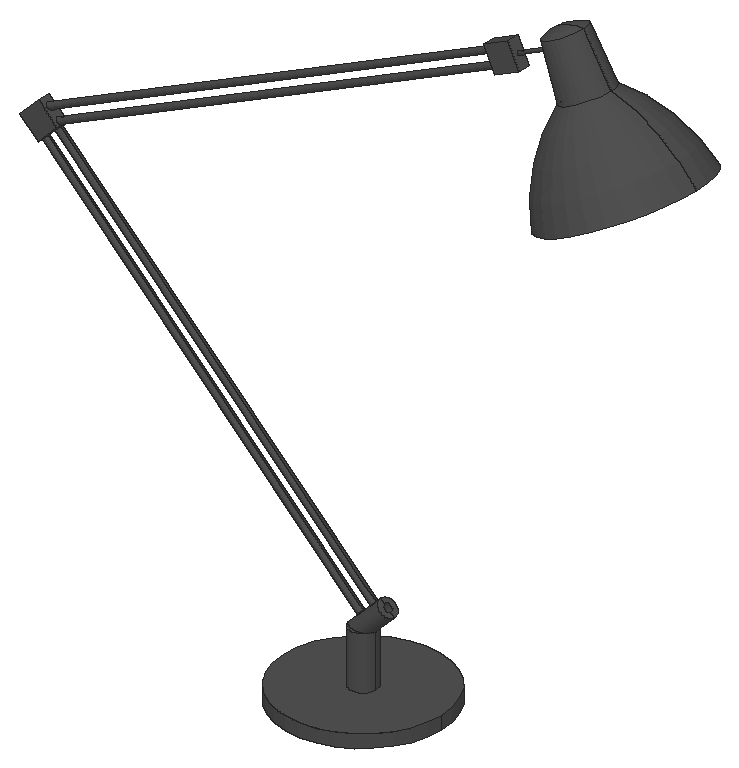
Revit family "M_Abajur de mesa - Extensão de braço", category Luminárias, Revit 2019
Family settings
  Cota do conector redondo = Utilizar diâmetro
  Tipo de parte = Normal
  Número OmniClass = 23.80.70.11.11
  Título OmniClass = General Luminaries, Non Directional
  ID de item do Seek = Table Lamp - Arm Extension-0000-CAN-ENU
  Com base no plano de trabalho = Não
  Sempre na vertical = Sim
  Corte com vazios quando carregada = Não
  Fonte luminosa = Sim
  Compartilhado = Não
  Ponto de cálculo do ambiente = Não
Parameters (values of type "100W - 120V")
  Wattage = 100 W
  built-in parameter 1150110 = 1 (stored number, unit not read)
  built-in parameter 1114217 = 1 (stored number, unit not read)
  built-in parameter 1150109 = 1 (stored number, unit not read)
  built-in parameter 1150134 = 4
  built-in parameter 1150113 = 1 (stored number, unit not read)
  Tilt Angle = 60.00°
  Arquivo de rede fotométrica = "TLAE1A21.ies"
  built-in parameter 1150115 = 1 (stored number, unit not read)
  built-in parameter 1150105 = 95.493 (stored number, unit not read)
  Classificação de carga = Iluminação - Unidade de interrupção
  built-in parameter 1150137 = 1
  built-in parameter 1150139 = (empty or 0)
  built-in parameter 1150112 = 1 (stored number, unit not read)
  built-in parameter 1150114 = 1 (stored number, unit not read)
  built-in parameter 1150132 = (empty or 0)
  built-in parameter 1150102 = (empty or 0)
  built-in parameter 1150138 = (empty or 0)
  built-in parameter 1150107 = 2800 (stored number, unit not read)
  built-in parameter 1150106 = 0.95493 (stored number, unit not read)
  built-in parameter 1150104 = 1.1148 (stored number, unit not read)
  Dimming Lamp Color Temperature Shift = (empty or 0)
  Color Filter = 16777215
  built-in parameter 1140040 [instance] = 1
  Voltagem do transformador = 120 V
  Transformador por número de postes = 1
  built-in parameter 1114218 = 1 (stored number, unit not read)
  built-in parameter 1150133 = 10 (stored number, unit not read)
  Código de montagem = "D5020220"
  Lâmpada = "R-30"
  Lumens = 1200 lm
  Material de sombra = Aço, Cromo polido
  Material do suporte padrão = Aço, Cromo polido
  Wattage Comments = ""
  Carga aparente = 100 VA
Types (5, lengths in mm): name | Wattage | Arquivo de rede fotométrica | built-in parameter 1150105 | built-in parameter 1150106 | built-in parameter 1150104 | Voltagem do transformador | Lâmpada | Lumens | Carga aparente
  (no name) | 100 W | "TLAE1A21.ies" | 95.493 (stored number, unit not read) | 0.95493 (stored number, unit not read) | 1.1148 (stored number, unit not read) | 120 V | "R-30" | 1200 lm | 100 VA
  100W - 277V | 100 W | "TLAE1A21.ies" | 95.493 (stored number, unit not read) | 0.95493 (stored number, unit not read) | 1.1148 (stored number, unit not read) | 277 V | "R-30" | 1200 lm | 100 VA
  60W - 120V | 60 W | "TLAE1A19.ies" | 68.039 (stored number, unit not read) | 0.68039 (stored number, unit not read) | 1.3239 (stored number, unit not read) | 120 V | "A-19" | 855 lm | 60 VA
  60W - 277V | 60 W | "TLAE1A19.ies" | 68.039 (stored number, unit not read) | 0.68039 (stored number, unit not read) | 1.3239 (stored number, unit not read) | 277 V | "A-19" | 855 lm | 60 VA
  100W - 120V | 100 W | "TLAE1A21.ies" | 95.493 (stored number, unit not read) | 0.95493 (stored number, unit not read) | 1.1148 (stored number, unit not read) | 120 V | "R-30" | 1200 lm | 100 VA
Reference planes
  plane 1 "Eixo de origem da luz": y = 0
  plane 2: z = 0
  plane 3: through (-31.75, 0, 31.75) normal (-0.7071, 0, 0.7071)
  plane 4: through (34.245, 0, 34.245) normal (0.7071, 0, 0.7071)
  plane 5: through (52.205, 0, 52.205) normal (0.7071, 0, 0.7071)
  plane 6: through (48.637, 0, 48.637) normal (0.7071, 0, 0.7071)
  plane 7: through (-213.455, 0, 457.757) normal (0.4226, 0, -0.9063)
  plane 8: through (-210.772, 0, 452.002) normal (0.4226, 0, -0.9063)
  plane 9: through (-206.746, 0, 443.369) normal (0.4226, 0, -0.9063)
  plane 10: through (-204.063, 0, 437.614) normal (0.4226, 0, -0.9063)
  plane 11: through (-208.371, 0, 446.853) normal (0.4226, 0, -0.9063)
  plane 12: through (363.488, 0, 169.497) normal (0.9063, 0, 0.4226)
  plane 13: through (455.569, 0, 212.435) normal (0.9063, 0, 0.4226)
  plane 14: through (392.263, 0, 182.915) normal (0.9063, 0, 0.4226)
  plane 15: through (426.793, 0, 199.017) normal (0.9063, 0, 0.4226)
  plane 16: through (-177.757, 0, 381.201) normal (0.4226, 0, -0.9063)
  plane 17 "Eixo de origem da luz": x = 228.6
  plane 18 "Elevação da origem da luz": z = 546.1
Forms (mm)
  Extrusion 1, solid, material "Aço, Cromo polido" <- "Material do suporte padrão"
    sketch origin (0, 0, 0) x (1, 0, 0) y (0, 1, 0)
      loop
        circle (0, 0) r 76.2
    from 0 to 12.7
  Revolve 2, solid, material "Aço, Cromo polido" <- "Material do suporte padrão"
    sketch origin (0, 0, 0) x (1, 0, 0) y (0, 0, 1)
      loop
        line (-12.7, 12.7) -> (0, 12.7) -> (0, 63.5) -> (-12.7, 63.5) -> (-12.7, 12.7)
      axis (0, 63.5) -> (0, 12.7)
    angle from 0 to 360
  Revolve 3, solid, material "Aço, Cromo polido" <- "Material do suporte padrão"
    sketch origin (0, 0, 0) x (1, 0, 0) y (0, 0, 1)
      loop
        line (-12.7, 63.5) -> (-5.965, 63.5) -> (20.976, 90.441) -> (17.608, 93.808) -> (-12.7, 63.5)
      axis (-6.35, 57.15) -> (23.958, 87.458)
    angle from 0 to 360
  Revolve 4, solid, material "Aço, Cromo polido" <- "Material do suporte padrão"
    sketch origin (0, 0, 0) x (1, 0, 0) y (0, 0, 1)
      loop
        line (-4.218, 72.707) -> (-1.973, 74.952) -> (-325.262, 398.241) -> (-327.507, 395.996) -> (-4.218, 72.707)
      axis (-1.973, 74.952) -> (-325.262, 398.241)
    angle from 0 to 360
  Revolve 5, solid, material "Aço, Cromo polido" <- "Material do suporte padrão"
    sketch origin (0, 0, 0) x (1, 0, 0) y (0, 0, 1)
      loop
        line (10.537, 86.737) -> (12.782, 88.982) -> (-310.596, 412.36) -> (-312.841, 410.115) -> (10.537, 86.737)
      axis (10.537, 86.737) -> (-312.841, 410.115)
    angle from 0 to 360
  Extrusion 6, solid, material "Aço, Cromo polido" <- "Material do suporte padrão"
    sketch origin (0, 0, 0) x (1, 0, 0) y (0, 0, 1)
      loop
        line (-327.507, 395.996) -> (-309.546, 378.036) -> (-291.586, 395.996) -> (-309.546, 413.957) -> (-327.507, 395.996)
    from -6.35 to 6.35
  Revolve 7, solid, material "Aço, Cromo polido" <- "Material do suporte padrão"
    sketch origin (0, 0, 0) x (1, 0, 0) y (0, 0, 1)
      loop
        line (-304.081, 408.491) -> (133.304, 612.447) -> (132.043, 615.151) -> (-306.326, 410.736) -> (-304.081, 408.491)
      axis (-305.065, 408.032) -> (133.304, 612.447)
    angle from 0 to 360
  Revolve 8, solid, material "Aço, Cromo polido" <- "Material do suporte padrão"
    sketch origin (0, 0, 0) x (1, 0, 0) y (0, 0, 1)
      loop
        line (-294.421, 395.479) -> (142.963, 599.435) -> (141.621, 602.312) -> (-295.763, 398.357) -> (-294.421, 395.479)
      axis (-295.763, 398.357) -> (141.621, 602.312)
    angle from 0 to 360
  Extrusion 9, solid, material "Aço, Cromo polido" <- "Material do suporte padrão"
    sketch origin (0, 0, 0) x (1, 0, 0) y (0, 0, 1)
      loop
        line (145.184, 624.993) -> (122.393, 614.366) -> (133.128, 591.345) -> (155.919, 601.973) -> (145.184, 624.993)
    from -6.35 to 6.35
  Revolve 10, solid, material "Aço, Cromo polido" <- "Material do suporte padrão"
    sketch origin (0, 0, 0) x (1, 0, 0) y (0, 0, 1)
      loop
        line (150.269, 614.089) -> (184.799, 630.191) -> (184.128, 631.629) -> (149.598, 615.528) -> (150.269, 614.089)
      axis (184.799, 630.191) -> (150.269, 614.089)
    angle from 0 to 360
  Revolve 11, solid, material "Aço, Cromo polido" <- "Material de sombra"
    sketch origin (0, 0, 0) x (1, 0, 0) y (0, 0, 1)
      loop
        line (178.154, 640.434) -> (195.93, 591.596)
        arc (195.93, 591.596) -> (182.483, 542.231) -> (186.135, 491.198) r 152.38
        line (186.135, 491.198) -> (188.244, 491.966)
        arc (188.244, 491.966) -> (184.97, 543.239) -> (198.922, 592.685) r 152.38
        line (198.922, 592.685) -> (181.547, 640.422)
        arc (181.547, 640.422) -> (186.883, 646.929) -> (194.24, 651.014) r 22.437
        line (194.24, 651.014) -> (193.262, 653.111)
        arc (193.262, 653.111) -> (184.705, 647.968) -> (178.154, 640.434) r 31.933
      axis (193.89, 653.404) -> (254.716, 522.962)
    angle from 0 to 360
Lines and regions (mm)
  symbolic lines
    curve 1: arc (76.2, 0, 0) -> (0, 76.2, 0) -> (-76.2, 0, 0) r 76.2
    curve 2: arc (-76.2, 0, 0) -> (0, -76.2, 0) -> (76.2, 0, 0) r 76.2
    curve 3: arc (330.405, 0, 0) -> (254.205, 76.2, 0) -> (178.005, 0, 0) r 76.2
    curve 4: arc (178.005, 0, 0) -> (254.205, -76.2, 0) -> (330.405, 0, 0) r 76.2
    curve 5: arc (12.7, 0, 0) -> (0, 12.7, 0) -> (-12.7, 0, 0) r 12.7
    curve 6: arc (-12.7, 0, 0) -> (0, -12.7, 0) -> (12.7, 0, 0) r 12.7
    curve 7: line (-291.586, 0, 0) -> (178.005, 0, 0)
    curve 8: line (-327.507, 6.35, 0) -> (-291.586, 6.35, 0)
    curve 9: line (-327.507, 6.35, 0) -> (-327.507, -6.35, 0)
    curve 10: line (-327.507, -6.35, 0) -> (-291.586, -6.35, 0)
    curve 11: line (-291.586, 6.35, 0) -> (-291.586, -6.35, 0)
Dimensions and locks
  aligned and locked: plane 1 "Eixo de origem da luz" to imposter light
Connectors
  electrical at (150.551, 0, 613.483), driven by "Carga aparente", driven by "Voltagem do transformador", driven by "Transformador por número de postes", driven by "Classificação de carga"
    settings: on Extrusion 9, index 1, voltage 120 V, apparent load 0 VA, apparent load phase1 100 VA, apparent load phase2 0 VA, apparent load phase3 0 VA, power factor 0.95, load classification "Iluminação - Unidade de interrupção", number of poles 1, system type 31, power factor state 1, is connector primary yes, connector utility no, sub classification motor no, connector description ""
